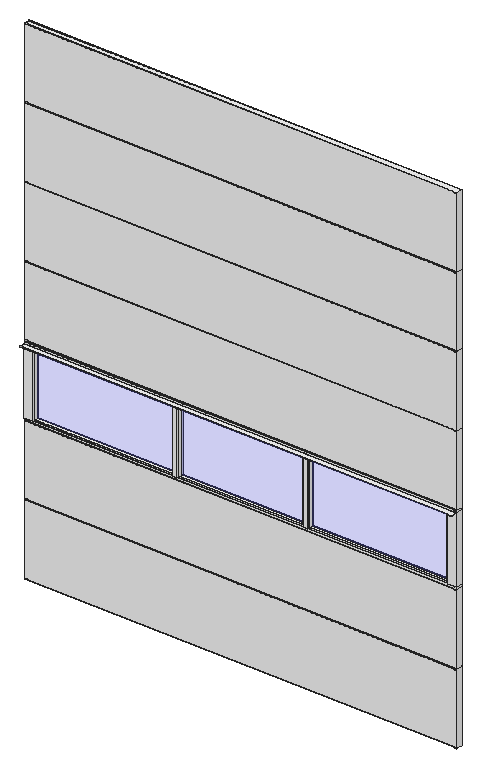
Revit family
Parameters (values of type "By Type")
  Windload = "Doors available rated for various design pressures; consult Clopay for avaialbility and specifications"
  VisSection6 = NumSections = 6  # no
  VisSection5 = NumSections > 4  # yes
  VisSection4 = NumSections > 3  # yes
  VisSection3 = NumSections > 2  # yes
  VisArray = NumSections > 6  # yes
  URL = "www.clopaydoor.com"
  Track = "Galvanized steel (gauge varies according to door size)"
  Thickness = 0' - 2"  # constant formula
  Spec Wizard = "http://www.arcat.com/specwizard/08360clo/index.htm"
  Section Height = Height / NumSections  # 2' - 0"
  Section 5 Glazing = 3220 Section : Solid
  Section 4 Glazing = 3220 Section : Solid
  Section 3 Glazing = Full Vision Section : Intermediate
  Sales Information = "http://www.clopaydoor.com/where-to-buy.aspx?type=dealer"
  Rough Width = 0' - 0"  # constant formula
  Rough Height = 0' - 0"  # constant formula
  R-Value = "9.1"
  Product Features and Benefits = "http://www.clopaydoor.com/insulated-polystyrene-applications.aspx"
  Overlapping Jamb = yes
  Overlap = if(Overlapping Jamb, 0' 1", 0' 0")  # 0' - 1"
  Opening Width = 12' - 0"
  Opening Height = 14' - 0"
  Omniclass Table = "23-30 10 17 37 "
  NumSectionsNotRounded = Height / 2' 0"  # 7
  NumSections = NumSectionsNotRounded + 0.4999  # 7
  NumArraySections = if(NumSections > 6, NumSections - 5, 2)  # 2
  Model = "3220"
  Maximum Size = "Maximum 28' 2'' wide by 26' 0'' high. Additional limitations may apply do to door weight. Consult Clopay for specificiations and shop drawings."  # constant formula
  Manufacturer Website = "http://www.clopaydoor.com"
  Manufacturer Phone Number = "1-800-526-4301"
  Manufacturer Address = "1400 W. Market St., Troy, OH 45373"
  Manufacturer = "Clopay Building Products Company"
  LEED = "http://products.construction.com/swts_content_files/151607/303186.pdf"
  Keynote = "08 36 13"
  Interior Steel = "28 ga. galvanized, primed, and finish painted"
  Hardware = "14 ga. min. steel hinges; 10-ball steel rollers"
  GreenFormat = "http://www.greenformat.com/products/1541-Polystyrene-Insulated-Doors"
  Function = (empty or 0)
  Height = Opening Height + Rough Width * 0  # 14' - 0"
  Wall Closure = (empty or 0)
  Width = Opening Width + Rough Width * 0  # 12' - 0"
  FloorToSection7 = 6 * Section Height  # 12' - 0"
  FloorToSection6 = 5 * Section Height  # 10' - 0"
  FloorToSection5 = 4 * Section Height  # 8' - 0"
  FloorToSection4 = 3 * Section Height  # 6' - 0"
  FloorToSection3 = 2 * Section Height  # 4' - 0"
  FloorToSection2 = Section Height  # 2' - 0"
  File Revision = "01 (Aug, 2012)"
  Enterior Steel = "24 ga. galvanized, primed, and finish painted"
  Double End Stiles = Door Width > 14' 2"  # no
  Door Width = Opening Width + Overlap * 2  # 12' - 2"
  Door Height = Opening Height + Rough Width * 0  # 14' - 0"
  Description = "2'' thick polystyrene insulated, stucco embossed 20 gauge steel exterior with light ribbed pattern."
  Core Material = "Expanded polystyrene"
  Copyright = "2010, Clopay Building Products Company, Inc."
  Color = White
  CAD and Specifications = "http://www.clopaydoor.com/insulated-polystyrene-specs.aspx"
  Assembly Code = "B2030410"
Reference planes (in)
  plane 1 "Center (Front/Back)": y = 0
  plane 2 "Center (Left/Right)": x = 0
  plane 3 "Left": x = -72
  plane 4 "Right": x = 72
  plane 5 "Top": z = 168
  plane 6 "Exterior": y = 3
  plane 7 "Interior": y = -3
  plane 8: z = 120
  plane 9: z = 144
Lines and regions (in)
  Opening 1
    outline origin (-90, -3, 0) x (1, 0, 0) y (0, 0, 1)
      loop
        line (18, 0) -> (162, 0) -> (162, 168) -> (18, 168) -> (18, 0)
Text (in)
  text "Exterior" at (-74.96733, 27.31104, 0), in view "Ref. Level"
  text "Interior" at (-74.96733, -25.14366, 0), in view "Ref. Level"
  text "Exterior" at (0, 40.15149, 123.01588), in view "Right"
  text "Interior" at (0, -64.39139, 123.01588), in view "Right"
  text "Interior" at (0, -31.01599, 123.00693), in view "Left"
  text "Exterior" at (0, 54.57065, 123.00693), in view "Left"
Dimensions and locks (in)
  equal spacing: plane 3 "Left", plane 2 "Center (Left/Right)", plane 4 "Right"
  "Height": level to plane 5 "Top"
  "Width": plane 3 "Left" to plane 4 "Right"
  host wall to plane 5 "Top" = 14' - 0"
  nested 1 to plane 7 "Interior" = 0' - 0 1/2"
  "FloorToSection6": plane 8 to level
  "FloorToSection7": plane 9 to level
  group 1 to group 2 = 0' - 0"  (x2)
  group 1 to group 2 = 2' - 0"
  aligned and locked: plane 3 "Left" to Opening 1 sketch curve
  aligned and locked: plane 5 "Top" to Opening 1 sketch curve  (x2)
  aligned and locked: Opening 1 sketch curve to plane 4 "Right"
  aligned and locked: Opening 1 sketch curve to level
  aligned and locked: plane 6 "Exterior" to host wall
  aligned and locked: host wall to plane 7 "Interior"
  aligned and locked: plane 2 "Center (Left/Right)" to nested 2
  aligned and locked: plane 2 "Center (Left/Right)" to nested 3
  aligned and locked: plane 2 "Center (Left/Right)" to nested 4
  aligned and locked: plane 2 "Center (Left/Right)" to nested 6
  aligned and locked: nested 6 to plane 8
  aligned and locked: nested 7 to plane 9
  aligned and locked: plane 2 "Center (Left/Right)" to nested 9
  aligned and locked: plane 7 "Interior" to nested 2
  aligned and locked: plane 7 "Interior" to nested 3
  aligned and locked: plane 7 "Interior" to nested 4  (x2)
  aligned and locked: plane 7 "Interior" to nested 9  (x2)
  aligned and locked: plane 7 "Interior" to nested 7
  aligned and locked: nested 1 to nested 7
  aligned and locked: nested 1 to nested 6
  aligned and locked: host wall to nested 3
Nested families (in)
  nested 1: "3220 Section" at (0, 0, 0), type "Solid"
  nested 2: "3220 Section" at (0, 0, 24), built-in parameter 1001364 <- "Section Height", type "Solid"
  nested 3: "3220 Section" at (0, 0, 120), built-in parameter 1001364 <- "FloorToSection6", visible <- "VisSection6", type "Solid"
  nested 4: "3220 Section" at (0, 0, 96), built-in parameter 1001364 <- "FloorToSection5", type <- "Section 5 Glazing", visible <- "VisSection5", type "Solid"
  nested 5: "3220 Section" at (0, 0, 72), type <- "Section 4 Glazing", built-in parameter 1001364 <- "FloorToSection4", visible <- "VisSection4", type "Solid"
  nested 6: "3220 Section" at (0, 0, 120), visible <- "VisArray", type "Solid"
  nested 7: "3220 Section" at (0, 0, 144), visible <- "VisArray", type "Solid"
  nested 8: "3220 Section" at (0, 4.53003, 370.39685), type "Windows - 24x8", not visible
  nested 9: "Full Vision Section" at (0, 0, 48), built-in parameter 1001364 <- "FloorToSection3", type <- "Section 3 Glazing", type "Intermediate"
    with SingleStileVis no, Rail Width 12' - 1 13/16", NumIntStiles 2, Half Rail Width 6' - 0 29/32", Half Door Width 6' - 1", Glass Width 12' - 0 13/16", Edge to 1st Int Stile 4' - 3", Door Width 12' - 2", ArrayStileVis yes
Definition of nested family "3220 Section"
  Parameters (values of type "Windows - 24x12")
    X9 = if(if(NumArrayedWindows < NumWindows, NumArrayedWindows + 1, NumWindows) < 9, X1, X8 + WindowSpacing)  # 1' - 5 1/2"
    X8 = if(if(NumArrayedWindows < NumWindows, NumArrayedWindows + 1, NumWindows) < 8, X1, X7 + WindowSpacing)  # 1' - 5 1/2"
    X7 = if(if(NumArrayedWindows < NumWindows, NumArrayedWindows + 1, NumWindows) < 7, X1, X6 + WindowSpacing)  # 1' - 5 1/2"
    X6 = if(if(NumArrayedWindows < NumWindows, NumArrayedWindows + 1, NumWindows) < 6, X1, X5 + WindowSpacing)  # 1' - 5 1/2"
    X5 = if(if(NumArrayedWindows < NumWindows, NumArrayedWindows + 1, NumWindows) < 5, X1, X4 + WindowSpacing)  # 1' - 5 1/2"
    X4 = if(if(NumArrayedWindows < NumWindows, NumArrayedWindows + 1, NumWindows) < 4, X1, X3 + WindowSpacing)  # 1' - 5 1/2"
    X3 = if(or(NumWindows < 3, SingleWindowVis), X1, X2 + WindowSpacing)  # 8' - 9 1/2"
    X2 = if(NumWindows < 2, ((Door Width - (NumWindows - 1) * WindowSpacing) / 2 - Cutout Width / 2), ((Door Width - (NumWindows - 1) * WindowSpacing) / 2 - Cutout Width / 2) + WindowSpacing)  # 5' - 1 1/2"
    Windows (2) = 3200 Window : 24x12
    Windows = 3200 Window Array : 24x12
    WindowSpacing = if(and(Door Width < 10' 0", Door Width > 9' 2"), 3' 4", 3' 8")  # 3' - 8"
    WindowArrayVis = and(or(and(Window Type Index = 4, Door Width > 7' 6", Door Width < 16' 3"), Window Type Index = 3, Window Type Index = 2), not(SingleWindowVis))  # yes
    WindowCutDepth = if(or(Window Type Index = 1, and(Door Width < 7' 8", Window Type Index = 4), and(Window Type Index = 4, Door Width > 16' 2")), -0' 0 13/128", 0' 2")  # 0' - 2"
    Window Type Index = 3
    SingleWindowVis = and(X2 = X1, NumWindows = 3, Window Type Index = 4)  # no
    Section Height = 2' - 0"
    NumWindows = if(Door Width < 9' 4", 2, if(Door Width < 13' 4", 3, if(Door Width < 16' 4", 4, if(Door Width < 20' 4", 5, if(Door Width < 24' 4", 6, if(Door Width < 26' 4", 7, if(Door Width < 31' 8", 8, 10)))))))  # 3
    NumArrayedWindows = if(X2 = X1, if(NumWindows < 4, 2, NumWindows - 2), NumWindows)  # 3
    Half Section Height = Section Height / 2  # 1' - 0"
    Half Door Width Neg = -Half Door Width  # -6' - 1"
    Half Door Width = Door Width / 2  # 6' - 1"
    Half Cutout Height = Cutout Height / 2  # 0' - 5 1/2"
    Function = (empty or 0)
    Height = 0' - 0"
    Wall Closure = (empty or 0)
    Width = 0' - 0"
    X1 = if(if(Window Type Index = 4, if(or(and(Door Width < 11' 0", Door Width > 9' 2"), and(Door Width < 15' 3", Door Width > 13' 2")), X2, (Door Width - (NumWindows - 1) * WindowSpacing) / 2 - Cutout Width / 2), if(or(and(Door Width > 16' 2", Door Width < 16' 7")), X2, (Door Width - (NumWindows - 1) * WindowSpacing) / 2 - Cutout Width / 2)) < 0' 1", 0' 1", if(Window Type Index = 4, if(or(and(Door Width < 11' 0", Door Width > 9' 2"), and(Door Width < 15' 3", Door Width > 13' 2")), X2, (Door Width - (NumWindows - 1) * WindowSpacing) / 2 - Cutout Width / 2), if(or(and(Door Width > 16' 2", Door Width < 16' 7")), X2, (Door Width - (NumWindows - 1) * WindowSpacing) / 2 - Cutout Width / 2)))  # 1' - 5 1/2"
    Door Width = 12' - 2"
    CutoutToCutout = 1' - 0"
    Cutout Width = if(Window Type Index = 4, 3' 2", 1' 11")  # 1' - 11"
    Cutout Height = if(Window Type Index = 4, 1' 0", if(Window Type Index = 3, 0' 11", 0' 7"))  # 0' - 11"
    Color = White
    Assembly Code = ""
  Types (3): name | Windows (2) | Windows | WindowArrayVis | WindowCutDepth | Window Type Index | Half Cutout Height | Cutout Height
    Windows - 24x12 | 3200 Window : 24x12 | 3200 Window Array : 24x12 | yes | 0' - 2" | 3 | 0' - 5 1/2" | 0' - 11"
    Windows - 24x8 | 3200 Window : 24x8 | 3200 Window Array : 24x8 | yes | 0' - 2" | 2 | 0' - 3 1/2" | 0' - 7"
    Solid | 3200 Window : 24x8 | 3200 Window : 24x8 | no | -0' - 0 13/128" | 1 | 0' - 3 1/2" | 0' - 7"
  Reference planes (in)
    plane 1 "Center (Front/Back)": y = 0
    plane 2 "Center (Left/Right)": x = 0
    plane 3 "Exterior": y = 3
    plane 4 "Interior": y = -3
    plane 5: y = -3.5
    plane 6: x = 73
    plane 7: x = -73
    plane 8: z = 24
    plane 9: z = 12
    plane 10: z = 0
  Forms (in)
    Extrusion 1, solid, material "White" <- "Color"
      sketch origin (-73, -12, 83.08252) x (0, 0, 1) y (0, -1, 0)
        loop
          line (-59.08252, -8.37573) -> (-59.08252, -6.62444)
          arc (-59.08252, -6.62444) -> (-59.11897, -6.53645) -> (-59.20696, -6.5) r 0.12444
          line (-59.20696, -6.5) -> (-82.95809, -6.5)
          arc (-82.95809, -6.5) -> (-83.04608, -6.53645) -> (-83.08252, -6.62444) r 0.12444
          line (-83.08252, -6.62444) -> (-83.08252, -8.37573)
          arc (-83.08252, -8.37573) -> (-83.04612, -8.4636) -> (-82.95825, -8.5) r 0.12427
          line (-82.95825, -8.5) -> (-59.20679, -8.5)
          arc (-59.20679, -8.5) -> (-59.11892, -8.4636) -> (-59.08252, -8.37573) r 0.12427
      from 0 to 146 <- "Door Width"
    Extrusion 2, void
      sketch origin (-98.15385, -3.5, 48) x (1, 0, 0) y (0, 0, 1)
        loop
          line (153.65385, -30.5) -> (130.65385, -30.5) -> (130.65385, -36) -> (153.65385, -36) -> (153.65385, -30.5)
      from 0 to 2 <- "WindowCutDepth"
    Extrusion 3, void
      sketch origin (-98.15385, -3.5, -24) x (1, 0, 0) y (0, 0, 1)
        loop
          line (153.65385, 30.5) -> (153.65385, 36) -> (130.65385, 36) -> (130.65385, 30.5) -> (153.65385, 30.5)
      from 0 to 2 <- "WindowCutDepth"
    Extrusion 4, void
      sketch origin (-136.15385, -3.5, 48) x (1, 0, 0) y (0, 0, 1)
        loop
          line (147.65385, -30.5) -> (124.65385, -30.5) -> (124.65385, -36) -> (147.65385, -36) -> (147.65385, -30.5)
      from 0 to 2 <- "WindowCutDepth"
    Extrusion 5, void
      sketch origin (-136.15385, -3.5, -24) x (1, 0, 0) y (0, 0, 1)
        loop
          line (147.65385, 30.5) -> (147.65385, 36) -> (124.65385, 36) -> (124.65385, 30.5) -> (147.65385, 30.5)
      from 0 to 2 <- "WindowCutDepth"
    Extrusion 6, void
      sketch origin (-171.15385, -3.5, 48) x (1, 0, 0) y (0, 0, 1)
        loop
          line (138.65385, -30.5) -> (115.65385, -30.5) -> (115.65385, -36) -> (138.65385, -36) -> (138.65385, -30.5)
      from 0 to 2 <- "WindowCutDepth"
    Extrusion 7, void
      sketch origin (-171.15385, -3.5, -24) x (1, 0, 0) y (0, 0, 1)
        loop
          line (138.65385, 30.5) -> (138.65385, 36) -> (115.65385, 36) -> (115.65385, 30.5) -> (138.65385, 30.5)
      from 0 to 2 <- "WindowCutDepth"
    Extrusion 8, void
      sketch origin (-214.15385, -3.5, 48) x (1, 0, 0) y (0, 0, 1)
        loop
          line (269.65385, -30.5) -> (246.65385, -30.5) -> (246.65385, -36) -> (269.65385, -36) -> (269.65385, -30.5)
      from 0 to 2 <- "WindowCutDepth"
    Extrusion 9, void
      sketch origin (-214.15385, -3.5, -24) x (1, 0, 0) y (0, 0, 1)
        loop
          line (269.65385, 30.5) -> (269.65385, 36) -> (246.65385, 36) -> (246.65385, 30.5) -> (269.65385, 30.5)
      from 0 to 2 <- "WindowCutDepth"
    Extrusion 10, void
      sketch origin (-256.15385, -3.5, 48) x (1, 0, 0) y (0, 0, 1)
        loop
          line (311.65385, -30.5) -> (288.65385, -30.5) -> (288.65385, -36) -> (311.65385, -36) -> (311.65385, -30.5)
      from 0 to 2 <- "WindowCutDepth"
    Extrusion 11, void
      sketch origin (-256.15385, -3.5, -24) x (1, 0, 0) y (0, 0, 1)
        loop
          line (311.65385, 30.5) -> (311.65385, 36) -> (288.65385, 36) -> (288.65385, 30.5) -> (311.65385, 30.5)
      from 0 to 2 <- "WindowCutDepth"
    Extrusion 12, void
      sketch origin (-294.15385, -3.5, 48) x (1, 0, 0) y (0, 0, 1)
        loop
          line (349.65385, -30.5) -> (326.65385, -30.5) -> (326.65385, -36) -> (349.65385, -36) -> (349.65385, -30.5)
      from 0 to 2 <- "WindowCutDepth"
    Extrusion 13, void
      sketch origin (-294.15385, -3.5, -24) x (1, 0, 0) y (0, 0, 1)
        loop
          line (349.65385, 30.5) -> (349.65385, 36) -> (326.65385, 36) -> (326.65385, 30.5) -> (349.65385, 30.5)
      from 0 to 2 <- "WindowCutDepth"
    Extrusion 14, void
      sketch origin (-331.15385, -3.5, 48) x (1, 0, 0) y (0, 0, 1)
        loop
          line (386.65385, -30.5) -> (363.65385, -30.5) -> (363.65385, -36) -> (386.65385, -36) -> (386.65385, -30.5)
      from 0 to 2 <- "WindowCutDepth"
    Extrusion 15, void
      sketch origin (-331.15385, -3.5, -24) x (1, 0, 0) y (0, 0, 1)
        loop
          line (386.65385, 30.5) -> (386.65385, 36) -> (363.65385, 36) -> (363.65385, 30.5) -> (386.65385, 30.5)
      from 0 to 2 <- "WindowCutDepth"
    Extrusion 16, void
      sketch origin (-368.15385, -3.5, 48) x (1, 0, 0) y (0, 0, 1)
        loop
          line (423.65385, -30.5) -> (400.65385, -30.5) -> (400.65385, -36) -> (423.65385, -36) -> (423.65385, -30.5)
      from 0 to 2 <- "WindowCutDepth"
    Extrusion 17, void
      sketch origin (-368.15385, -3.5, -24) x (1, 0, 0) y (0, 0, 1)
        loop
          line (423.65385, 30.5) -> (423.65385, 36) -> (400.65385, 36) -> (400.65385, 30.5) -> (423.65385, 30.5)
      from 0 to 2 <- "WindowCutDepth"
    Extrusion 18, void
      sketch origin (-407.15385, -3.5, 48) x (1, 0, 0) y (0, 0, 1)
        loop
          line (462.65385, -30.5) -> (439.65385, -30.5) -> (439.65385, -36) -> (462.65385, -36) -> (462.65385, -30.5)
      from 0 to 2 <- "WindowCutDepth"
    Extrusion 19, void
      sketch origin (-407.15385, -3.5, -24) x (1, 0, 0) y (0, 0, 1)
        loop
          line (462.65385, 30.5) -> (462.65385, 36) -> (439.65385, 36) -> (439.65385, 30.5) -> (462.65385, 30.5)
      from 0 to 2 <- "WindowCutDepth"
  Cuts and joins
    Extrusion 2, Extrusion 3, Extrusion 4, Extrusion 5, Extrusion 6, Extrusion 7, Extrusion 8, Extrusion 9, Extrusion 10, Extrusion 11, Extrusion 12, Extrusion 13, Extrusion 14, Extrusion 15, Extrusion 16, Extrusion 17, Extrusion 18, Extrusion 19 cuts Extrusion 1
  Text (in)
    text "Exterior" at (-74.96733, 27.31104, 0), in view "Ref. Level"
    text "Interior" at (-74.96733, -25.14366, 0), in view "Ref. Level"
    text "Exterior" at (0, 40.15149, 123.01588), in view "Right"
    text "Interior" at (0, -64.39139, 123.01588), in view "Right"
    text "Interior" at (0, -31.01599, 123.00693), in view "Left"
    text "Exterior" at (0, 54.57065, 123.00693), in view "Left"
  Dimensions and locks (in)
    plane 4 "Interior" to plane 5 = 0' - 0 1/2"
    "Half Door Width": plane 2 "Center (Left/Right)" to plane 7
    "Half Door Width": plane 6 to plane 2 "Center (Left/Right)"
    Extrusion 1 sketch curve to Extrusion 1 sketch curve = 0' - 2"
    "Section Height": plane 8 to level
    "Half Section Height": level to plane 9
    "Cutout Width": Extrusion 2 sketch curve to Extrusion 2 sketch curve
    "Half Cutout Height": Extrusion 2 sketch curve to Extrusion 2 sketch curve
    "Cutout Width": Extrusion 3 sketch curve to Extrusion 3 sketch curve
    "Half Cutout Height": Extrusion 3 sketch curve to Extrusion 3 sketch curve
    "X1": cut or joined group 1 (Extrusion 1, Extrusion 2, Extrusion 3, Extrusion 4, Extrusion 5, Extrusion 6, Extrusion 7, Extrusion 8, Extrusion 9, Extrusion 10, Extrusion 11, Extrusion 12, Extrusion 13, Extrusion 14, Extrusion 15, Extrusion 16, Extrusion 17, Extrusion 18, Extrusion 19) to cut or joined group 1
    "Cutout Width": Extrusion 4 sketch curve to Extrusion 4 sketch curve
    "Half Cutout Height": Extrusion 4 sketch curve to Extrusion 4 sketch curve
    "Cutout Width": Extrusion 5 sketch curve to Extrusion 5 sketch curve
    "Half Cutout Height": Extrusion 5 sketch curve to Extrusion 5 sketch curve
    "Cutout Width": Extrusion 6 sketch curve to Extrusion 6 sketch curve
    "Half Cutout Height": Extrusion 6 sketch curve to Extrusion 6 sketch curve
    "Cutout Width": Extrusion 7 sketch curve to Extrusion 7 sketch curve
    "Half Cutout Height": Extrusion 7 sketch curve to Extrusion 7 sketch curve
    "X2": plane 6 to cut or joined group 1
    "X3": plane 6 to cut or joined group 1
    "Cutout Width": Extrusion 8 sketch curve to Extrusion 8 sketch curve
    "Half Cutout Height": Extrusion 8 sketch curve to Extrusion 8 sketch curve
    "Cutout Width": Extrusion 9 sketch curve to Extrusion 9 sketch curve
    "Half Cutout Height": Extrusion 9 sketch curve to Extrusion 9 sketch curve
    "Cutout Width": Extrusion 10 sketch curve to Extrusion 10 sketch curve
    "Half Cutout Height": Extrusion 10 sketch curve to Extrusion 10 sketch curve
    "Cutout Width": Extrusion 11 sketch curve to Extrusion 11 sketch curve
    "Half Cutout Height": Extrusion 11 sketch curve to Extrusion 11 sketch curve
    "Cutout Width": Extrusion 12 sketch curve to Extrusion 12 sketch curve
    "Half Cutout Height": Extrusion 12 sketch curve to Extrusion 12 sketch curve
    "Cutout Width": Extrusion 13 sketch curve to Extrusion 13 sketch curve
    "Half Cutout Height": Extrusion 13 sketch curve to Extrusion 13 sketch curve
    "Cutout Width": Extrusion 14 sketch curve to Extrusion 14 sketch curve
    "Half Cutout Height": Extrusion 14 sketch curve to Extrusion 14 sketch curve
    "Cutout Width": Extrusion 15 sketch curve to Extrusion 15 sketch curve
    "Half Cutout Height": Extrusion 15 sketch curve to Extrusion 15 sketch curve
    "Cutout Width": Extrusion 16 sketch curve to Extrusion 16 sketch curve
    "Half Cutout Height": Extrusion 16 sketch curve to Extrusion 16 sketch curve
    "Cutout Width": Extrusion 17 sketch curve to Extrusion 17 sketch curve
    "Half Cutout Height": Extrusion 17 sketch curve to Extrusion 17 sketch curve
    "Cutout Width": Extrusion 18 sketch curve to Extrusion 18 sketch curve
    "Half Cutout Height": Extrusion 18 sketch curve to Extrusion 18 sketch curve
    "Cutout Width": Extrusion 19 sketch curve to Extrusion 19 sketch curve
    "Half Cutout Height": Extrusion 19 sketch curve to Extrusion 19 sketch curve
    "X4": plane 6 to cut or joined group 1
    "X5": plane 6 to cut or joined group 1
    "X6": plane 6 to cut or joined group 1
    "X7": plane 6 to cut or joined group 1
    "X8": plane 6 to cut or joined group 1
    "X9": plane 6 to cut or joined group 1
    locked: nested 1 to cut or joined group 1 at 1  (x2)
    locked: nested 1 to cut or joined group 1 at 0.125
    locked: nested 2 to cut or joined group 1 at 1  (x2)
    locked: nested 2 to plane 5 at 0.125
    locked: plane 5 to plane 4 "Interior" at 0.5
    radius of Extrusion 1 sketch curve = 0' - 0.12427"  (x2)
    radius of Extrusion 1 sketch curve = 0' - 0.12444"  (x2)
    aligned and locked: Extrusion 1 sketch curve to plane 5
    aligned and locked: Extrusion 2 sketch curve to plane 9
    aligned and locked: plane 9 to Extrusion 3 sketch curve
    aligned and locked: cut or joined group 1 to cut or joined group 1  (x9)
    aligned and locked: plane 10 to level
  Automatic sketch dimensions
    Extrusion 1 sketch curve to level = 0' - 0"
    Extrusion 1 sketch curve to plane 8 = 0' - 0"
    plane 2 "Center (Left/Right)" to Extrusion 2 sketch curve = 2' - 8 1/2"
    plane 2 "Center (Left/Right)" to Extrusion 3 sketch curve = 2' - 8 1/2"
    Extrusion 4 sketch curve to plane 9 = 0' - 0"
    Extrusion 4 sketch curve to plane 2 "Center (Left/Right)" = 0' - 11 1/2"
    Extrusion 5 sketch curve to plane 9 = 0' - 0"
    Extrusion 5 sketch curve to plane 2 "Center (Left/Right)" = 0' - 11 1/2"
    Extrusion 6 sketch curve to plane 9 = 0' - 0"
    plane 7 to Extrusion 6 sketch curve = 1' - 5 1/2"
    Extrusion 7 sketch curve to plane 9 = 0' - 0"
    plane 7 to Extrusion 7 sketch curve = 1' - 5 1/2"
    Extrusion 8 sketch curve to plane 9 = 0' - 0"
    plane 2 "Center (Left/Right)" to Extrusion 8 sketch curve = 2' - 8 1/2"
    Extrusion 9 sketch curve to plane 9 = 0' - 0"
    plane 2 "Center (Left/Right)" to Extrusion 9 sketch curve = 2' - 8 1/2"
    Extrusion 10 sketch curve to plane 9 = 0' - 0"
    plane 2 "Center (Left/Right)" to Extrusion 10 sketch curve = 2' - 8 1/2"
    Extrusion 11 sketch curve to plane 9 = 0' - 0"
    plane 2 "Center (Left/Right)" to Extrusion 11 sketch curve = 2' - 8 1/2"
    Extrusion 12 sketch curve to plane 9 = 0' - 0"
    plane 2 "Center (Left/Right)" to Extrusion 12 sketch curve = 2' - 8 1/2"
    Extrusion 13 sketch curve to plane 9 = 0' - 0"
    plane 2 "Center (Left/Right)" to Extrusion 13 sketch curve = 2' - 8 1/2"
    Extrusion 14 sketch curve to plane 9 = 0' - 0"
    plane 2 "Center (Left/Right)" to Extrusion 14 sketch curve = 2' - 8 1/2"
    Extrusion 15 sketch curve to plane 9 = 0' - 0"
    plane 2 "Center (Left/Right)" to Extrusion 15 sketch curve = 2' - 8 1/2"
    Extrusion 16 sketch curve to plane 9 = 0' - 0"
    plane 2 "Center (Left/Right)" to Extrusion 16 sketch curve = 2' - 8 1/2"
    Extrusion 17 sketch curve to plane 9 = 0' - 0"
    plane 2 "Center (Left/Right)" to Extrusion 17 sketch curve = 2' - 8 1/2"
    Extrusion 18 sketch curve to plane 9 = 0' - 0"
    plane 2 "Center (Left/Right)" to Extrusion 18 sketch curve = 2' - 8 1/2"
    Extrusion 19 sketch curve to plane 9 = 0' - 0"
    plane 2 "Center (Left/Right)" to Extrusion 19 sketch curve = 2' - 8 1/2"
  Nested families (in)
    nested 1: "3200 Window Array" at (44, -3.375, 7.5) x (-1, 0, 0) z (0, 0, 1), type <- "Windows", visible <- "WindowArrayVis", type "24x12"
      with NumWindows 3, Frame Width 2' - 1", Frame Height 1' - 1"
    nested 2: "3200 Window" at (7.05882, -3.375, 6.85294), type <- "Windows (2)", visible <- "SingleWindowVis", type "24x12"
  Definition of nested family "3200 Window Array"
    Parameters (values of type "40x14")
      Window Spacing = 3' - 8"
      NumWindows = 4
      Frame Width = 3' - 4"
      Frame Height = 1' - 2"
      Color = Tan
      Assembly Code = ""
    Types (3): name | Frame Width | Frame Height
      24x8 | 2' - 1" | 0' - 9"
      28x14 | 2' - 4" | 1' - 2"
      40x14 | 3' - 4" | 1' - 2"
    Reference planes (in)
      plane 1 "Center (Front/Back)": y = 0
      plane 2: z = 0
      plane 3 "Center (Left/Right)": x = 0
      plane 4: y = -1
    Forms (in)
      Extrusion 1, solid, material "Tan" <- "Color"
        sketch origin (-1.38592, 0, 0) x (1, 0, 0) y (0, 0, 1)
          loop
            line (-15.92291, -0.72794) -> (19.57709, -0.72794)
            arc (19.57709, -0.72794) -> (20.01904, -0.54488) -> (20.20209, -0.10294) r 0.625
            line (20.20209, -0.10294) -> (20.20209, 9.39706)
            arc (20.20209, 9.39706) -> (20.01904, 9.839) -> (19.57709, 10.02206) r 0.625
            line (19.57709, 10.02206) -> (-15.92291, 10.02206)
            arc (-15.92291, 10.02206) -> (-16.36485, 9.839) -> (-16.54791, 9.39706) r 0.625
            line (-16.54791, 9.39706) -> (-16.54791, -0.10294)
            arc (-16.54791, -0.10294) -> (-16.36485, -0.54488) -> (-15.92291, -0.72794) r 0.625
          loop
            line (-17.54791, -2.35294) -> (21.20209, -2.35294)
            arc (21.20209, -2.35294) -> (21.64404, -2.16988) -> (21.82709, -1.72794) r 0.625
            line (21.82709, -1.72794) -> (21.82709, 11.02206)
            arc (21.82709, 11.02206) -> (21.64404, 11.464) -> (21.20209, 11.64706) r 0.625
            line (21.20209, 11.64706) -> (-17.54791, 11.64706)
            arc (-17.54791, 11.64706) -> (-17.98985, 11.464) -> (-18.17291, 11.02206) r 0.625
            line (-18.17291, 11.02206) -> (-18.17291, -1.72794)
            arc (-18.17291, -1.72794) -> (-17.98985, -2.16988) -> (-17.54791, -2.35294) r 0.625
        from 0 to 2.25
      Extrusion 2, solid, material "Glass"
        sketch origin (0, -1, 15.9844) x (0, 0, 1) y (-1, 0, 0)
          loop
            arc (-5.96234, 17.30882) -> (-6.1454, 17.75077) -> (-6.58734, 17.93382) r 0.625
            line (-6.58734, 17.93382) -> (-16.08734, 17.93382)
            arc (-16.08734, 17.93382) -> (-16.52928, 17.75077) -> (-16.71234, 17.30882) r 0.625
            line (-16.71234, 17.30882) -> (-16.71234, -18.19118)
            arc (-16.71234, -18.19118) -> (-16.52928, -18.63312) -> (-16.08734, -18.81618) r 0.625
            line (-16.08734, -18.81618) -> (-6.58734, -18.81618)
            arc (-6.58734, -18.81618) -> (-6.1454, -18.63312) -> (-5.96234, -18.19118) r 0.625
            line (-5.96234, -18.19118) -> (-5.96234, 17.30882)
        from 0 to 0.25
      Extrusion 3, solid, material "Tan" <- "Color"
        sketch origin (42.61408, 0, 0) x (1, 0, 0) y (0, 0, 1)
          loop
            line (-15.92291, -0.72794) -> (19.57709, -0.72794)
            arc (19.57709, -0.72794) -> (20.01904, -0.54488) -> (20.20209, -0.10294) r 0.625
            line (20.20209, -0.10294) -> (20.20209, 9.39706)
            arc (20.20209, 9.39706) -> (20.01904, 9.839) -> (19.57709, 10.02206) r 0.625
            line (19.57709, 10.02206) -> (-15.92291, 10.02206)
            arc (-15.92291, 10.02206) -> (-16.36485, 9.839) -> (-16.54791, 9.39706) r 0.625
            line (-16.54791, 9.39706) -> (-16.54791, -0.10294)
            arc (-16.54791, -0.10294) -> (-16.36485, -0.54488) -> (-15.92291, -0.72794) r 0.625
          loop
            line (-17.54791, -2.35294) -> (21.20209, -2.35294)
            arc (21.20209, -2.35294) -> (21.64404, -2.16988) -> (21.82709, -1.72794) r 0.625
            line (21.82709, -1.72794) -> (21.82709, 11.02206)
            arc (21.82709, 11.02206) -> (21.64404, 11.464) -> (21.20209, 11.64706) r 0.625
            line (21.20209, 11.64706) -> (-17.54791, 11.64706)
            arc (-17.54791, 11.64706) -> (-17.98985, 11.464) -> (-18.17291, 11.02206) r 0.625
            line (-18.17291, 11.02206) -> (-18.17291, -1.72794)
            arc (-18.17291, -1.72794) -> (-17.98985, -2.16988) -> (-17.54791, -2.35294) r 0.625
        from 0 to 2.25
      Extrusion 4, solid, material "Glass"
        sketch origin (44, -1, 15.9844) x (0, 0, 1) y (-1, 0, 0)
          loop
            arc (-5.96234, 17.30882) -> (-6.1454, 17.75077) -> (-6.58734, 17.93382) r 0.625
            line (-6.58734, 17.93382) -> (-16.08734, 17.93382)
            arc (-16.08734, 17.93382) -> (-16.52928, 17.75077) -> (-16.71234, 17.30882) r 0.625
            line (-16.71234, 17.30882) -> (-16.71234, -18.19118)
            arc (-16.71234, -18.19118) -> (-16.52928, -18.63312) -> (-16.08734, -18.81618) r 0.625
            line (-16.08734, -18.81618) -> (-6.58734, -18.81618)
            arc (-6.58734, -18.81618) -> (-6.1454, -18.63312) -> (-5.96234, -18.19118) r 0.625
            line (-5.96234, -18.19118) -> (-5.96234, 17.30882)
        from 0 to 0.25
      Extrusion 5, solid, material "Tan" <- "Color"
        sketch origin (86.61408, 0, 0) x (1, 0, 0) y (0, 0, 1)
          loop
            line (-15.92291, -0.72794) -> (19.57709, -0.72794)
            arc (19.57709, -0.72794) -> (20.01904, -0.54488) -> (20.20209, -0.10294) r 0.625
            line (20.20209, -0.10294) -> (20.20209, 9.39706)
            arc (20.20209, 9.39706) -> (20.01904, 9.839) -> (19.57709, 10.02206) r 0.625
            line (19.57709, 10.02206) -> (-15.92291, 10.02206)
            arc (-15.92291, 10.02206) -> (-16.36485, 9.839) -> (-16.54791, 9.39706) r 0.625
            line (-16.54791, 9.39706) -> (-16.54791, -0.10294)
            arc (-16.54791, -0.10294) -> (-16.36485, -0.54488) -> (-15.92291, -0.72794) r 0.625
          loop
            line (-17.54791, -2.35294) -> (21.20209, -2.35294)
            arc (21.20209, -2.35294) -> (21.64404, -2.16988) -> (21.82709, -1.72794) r 0.625
            line (21.82709, -1.72794) -> (21.82709, 11.02206)
            arc (21.82709, 11.02206) -> (21.64404, 11.464) -> (21.20209, 11.64706) r 0.625
            line (21.20209, 11.64706) -> (-17.54791, 11.64706)
            arc (-17.54791, 11.64706) -> (-17.98985, 11.464) -> (-18.17291, 11.02206) r 0.625
            line (-18.17291, 11.02206) -> (-18.17291, -1.72794)
            arc (-18.17291, -1.72794) -> (-17.98985, -2.16988) -> (-17.54791, -2.35294) r 0.625
        from 0 to 2.25
      Extrusion 6, solid, material "Glass"
        sketch origin (88, -1, 15.9844) x (0, 0, 1) y (-1, 0, 0)
          loop
            arc (-5.96234, 17.30882) -> (-6.1454, 17.75077) -> (-6.58734, 17.93382) r 0.625
            line (-6.58734, 17.93382) -> (-16.08734, 17.93382)
            arc (-16.08734, 17.93382) -> (-16.52928, 17.75077) -> (-16.71234, 17.30882) r 0.625
            line (-16.71234, 17.30882) -> (-16.71234, -18.19118)
            arc (-16.71234, -18.19118) -> (-16.52928, -18.63312) -> (-16.08734, -18.81618) r 0.625
            line (-16.08734, -18.81618) -> (-6.58734, -18.81618)
            arc (-6.58734, -18.81618) -> (-6.1454, -18.63312) -> (-5.96234, -18.19118) r 0.625
            line (-5.96234, -18.19118) -> (-5.96234, 17.30882)
        from 0 to 0.25
      Extrusion 7, solid, material "Tan" <- "Color"
        sketch origin (130.61408, 0, 0) x (1, 0, 0) y (0, 0, 1)
          loop
            line (-15.92291, -0.72794) -> (19.57709, -0.72794)
            arc (19.57709, -0.72794) -> (20.01904, -0.54488) -> (20.20209, -0.10294) r 0.625
            line (20.20209, -0.10294) -> (20.20209, 9.39706)
            arc (20.20209, 9.39706) -> (20.01904, 9.839) -> (19.57709, 10.02206) r 0.625
            line (19.57709, 10.02206) -> (-15.92291, 10.02206)
            arc (-15.92291, 10.02206) -> (-16.36485, 9.839) -> (-16.54791, 9.39706) r 0.625
            line (-16.54791, 9.39706) -> (-16.54791, -0.10294)
            arc (-16.54791, -0.10294) -> (-16.36485, -0.54488) -> (-15.92291, -0.72794) r 0.625
          loop
            line (-17.54791, -2.35294) -> (21.20209, -2.35294)
            arc (21.20209, -2.35294) -> (21.64404, -2.16988) -> (21.82709, -1.72794) r 0.625
            line (21.82709, -1.72794) -> (21.82709, 11.02206)
            arc (21.82709, 11.02206) -> (21.64404, 11.464) -> (21.20209, 11.64706) r 0.625
            line (21.20209, 11.64706) -> (-17.54791, 11.64706)
            arc (-17.54791, 11.64706) -> (-17.98985, 11.464) -> (-18.17291, 11.02206) r 0.625
            line (-18.17291, 11.02206) -> (-18.17291, -1.72794)
            arc (-18.17291, -1.72794) -> (-17.98985, -2.16988) -> (-17.54791, -2.35294) r 0.625
        from 0 to 2.25
      Extrusion 8, solid, material "Glass"
        sketch origin (132, -1, 15.9844) x (0, 0, 1) y (-1, 0, 0)
          loop
            arc (-5.96234, 17.30882) -> (-6.1454, 17.75077) -> (-6.58734, 17.93382) r 0.625
            line (-6.58734, 17.93382) -> (-16.08734, 17.93382)
            arc (-16.08734, 17.93382) -> (-16.52928, 17.75077) -> (-16.71234, 17.30882) r 0.625
            line (-16.71234, 17.30882) -> (-16.71234, -18.19118)
            arc (-16.71234, -18.19118) -> (-16.52928, -18.63312) -> (-16.08734, -18.81618) r 0.625
            line (-16.08734, -18.81618) -> (-6.58734, -18.81618)
            arc (-6.58734, -18.81618) -> (-6.1454, -18.63312) -> (-5.96234, -18.19118) r 0.625
            line (-5.96234, -18.19118) -> (-5.96234, 17.30882)
        from 0 to 0.25
    Dimensions and locks (in)
      locked: Extrusion 1 sketch curve to Extrusion 1 sketch curve at 1.625  (x4)
      "Frame Height": Extrusion 1 sketch curve to Extrusion 1 sketch curve
      "Frame Width": Extrusion 1 sketch curve to Extrusion 1 sketch curve
      Extrusion 1 to plane 4 = 0' - 1"
      Extrusion 1 to plane 3 "Center (Left/Right)" = 1' - 7.55882"
      locked: Extrusion 3 sketch curve to Extrusion 3 sketch curve at 1.625  (x4)
      "Frame Height": Extrusion 3 sketch curve to Extrusion 3 sketch curve
      "Frame Width": Extrusion 3 sketch curve to Extrusion 3 sketch curve
      equal spacing: group 1, group 2, group 3, group 4  (x3)
      locked: Extrusion 5 sketch curve to Extrusion 5 sketch curve at 1.625  (x4)
      "Frame Height": Extrusion 5 sketch curve to Extrusion 5 sketch curve
      "Frame Width": Extrusion 5 sketch curve to Extrusion 5 sketch curve
      "Window Spacing": Extrusion 1 to Extrusion 3
      locked: Extrusion 7 sketch curve to Extrusion 7 sketch curve at 1.625  (x4)
      "Frame Height": Extrusion 7 sketch curve to Extrusion 7 sketch curve
      "Frame Width": Extrusion 7 sketch curve to Extrusion 7 sketch curve
      radius of Extrusion 1 sketch curve = 0' - 0 5/8"  (x8)
      radius of Extrusion 3 sketch curve = 0' - 0 5/8"  (x8)
      radius of Extrusion 5 sketch curve = 0' - 0 5/8"  (x8)
      radius of Extrusion 7 sketch curve = 0' - 0 5/8"  (x8)
      aligned and locked: plane 2 to level
      aligned and locked: Extrusion 2 sketch curve to Extrusion 1  (x4)
      aligned and locked: Extrusion 4 sketch curve to Extrusion 3  (x4)
      aligned and locked: Extrusion 6 sketch curve to Extrusion 5  (x4)
      aligned and locked: Extrusion 8 sketch curve to Extrusion 7  (x4)
  Definition of nested family "3200 Window"
    Parameters (values of type "24x8")
      Window Spacing = 3' - 8"
      Frame Width = 2' - 1"
      Frame Height = 0' - 9"
      Color = White
      Assembly Code = ""
    Types (4): name | Frame Width | Frame Height | Color
      24x8 | 2' - 1" | 0' - 9" | White
      28x14 | 2' - 4" | 1' - 2" | Tan
      40x14 | 3' - 4" | 1' - 2" | White
      24x12 | 2' - 1" | 1' - 1" | Tan
    Reference planes (in)
      plane 1 "Center (Front/Back)": y = 0
      plane 2: z = 0
      plane 3 "Center (Left/Right)": x = 0
      plane 4: y = -1
    Forms (in)
      Extrusion 1, solid, material "White" <- "Color"
        sketch origin (42.61408, 0, 0) x (1, 0, 0) y (0, 0, 1)
          loop
            line (-15.92291, 4.27206) -> (4.57709, 4.27206)
            arc (4.57709, 4.27206) -> (5.01904, 4.45512) -> (5.20209, 4.89706) r 0.625
            line (5.20209, 4.89706) -> (5.20209, 9.39706)
            arc (5.20209, 9.39706) -> (5.01904, 9.839) -> (4.57709, 10.02206) r 0.625
            line (4.57709, 10.02206) -> (-15.92291, 10.02206)
            arc (-15.92291, 10.02206) -> (-16.36485, 9.839) -> (-16.54791, 9.39706) r 0.625
            line (-16.54791, 9.39706) -> (-16.54791, 4.89706)
            arc (-16.54791, 4.89706) -> (-16.36485, 4.45512) -> (-15.92291, 4.27206) r 0.625
          loop
            line (-17.54791, 2.64706) -> (6.20209, 2.64706)
            arc (6.20209, 2.64706) -> (6.64404, 2.83012) -> (6.82709, 3.27206) r 0.625
            line (6.82709, 3.27206) -> (6.82709, 11.02206)
            arc (6.82709, 11.02206) -> (6.64404, 11.464) -> (6.20209, 11.64706) r 0.625
            line (6.20209, 11.64706) -> (-17.54791, 11.64706)
            arc (-17.54791, 11.64706) -> (-17.98985, 11.464) -> (-18.17291, 11.02206) r 0.625
            line (-18.17291, 11.02206) -> (-18.17291, 3.27206)
            arc (-18.17291, 3.27206) -> (-17.98985, 2.83012) -> (-17.54791, 2.64706) r 0.625
        from 0 to 2.25
      Extrusion 2, solid, material "Glass"
        sketch origin (44, -1, 15.9844) x (0, 0, 1) y (-1, 0, 0)
          loop
            arc (-5.96234, 17.30882) -> (-6.1454, 17.75077) -> (-6.58734, 17.93382) r 0.625
            line (-6.58734, 17.93382) -> (-11.08734, 17.93382)
            arc (-11.08734, 17.93382) -> (-11.52928, 17.75077) -> (-11.71234, 17.30882) r 0.625
            line (-11.71234, 17.30882) -> (-11.71234, -3.19118)
            arc (-11.71234, -3.19118) -> (-11.52928, -3.63312) -> (-11.08734, -3.81618) r 0.625
            line (-11.08734, -3.81618) -> (-6.58734, -3.81618)
            arc (-6.58734, -3.81618) -> (-6.1454, -3.63312) -> (-5.96234, -3.19118) r 0.625
            line (-5.96234, -3.19118) -> (-5.96234, 17.30882)
        from 0 to 0.25
    Dimensions and locks (in)
      locked: Extrusion 1 sketch curve to Extrusion 1 sketch curve at 1.625  (x4)
      "Frame Height": Extrusion 1 sketch curve to Extrusion 1 sketch curve
      "Frame Width": Extrusion 1 sketch curve to Extrusion 1 sketch curve
      radius of Extrusion 1 sketch curve = 0' - 0 5/8"  (x8)
      aligned and locked: plane 2 to level
      aligned and locked: Extrusion 2 sketch curve to Extrusion 1  (x4)
    Automatic sketch dimensions
      level to Extrusion 1 sketch curve = 0' - 11.02206"
      plane 3 "Center (Left/Right)" to Extrusion 1 sketch curve = 2' - 0.44118"
Definition of nested family "Full Vision Section"
  Parameters (values of type "Intermediate")
    Top Rail Face = if(Section Type = 3, 0' 3", 0' 0 27/32")  # 0' - 0 27/32"
    Stile Height = if(or(Section Type = 1, Section Type = 3), Section Height - 0' 3 27/32", Section Height - 0' 0 27/32" * 2)  # 1' - 10 5/16"
    SingleStileVis = and(NumIntStiles < 2, NumIntStiles > 0)  # yes
    Section Type = 2
    Section Height = 2' - 0"
    Rail Width = Door Width - 0' 0 3/16"  # 8' - 1 13/16"
    Panel Material = Glass
    NumIntStiles = if(Door Width < 4' 9", 0, if(Door Width < 9' 3", 1, if(Door Width < 13' 3", 2, if(Door Width < 16' 3", 3, if(Door Width < 20' 3", 4, 5)))))  # 1
    IntStileCtrCtr = 3' - 8"
    Half Rail Width = Rail Width / 2  # 4' - 0 29/32"
    Half Door Width = Door Width / 2  # 4' - 1"
    Glass Width = Rail Width - 0' 1"  # 8' - 0 13/16"
    Function = (empty or 0)
    Height = 0' - 0"
    Wall Closure = (empty or 0)
    Width = 0' - 0"
    Frame Material = White
    Fin Visibility = or(Section Type = 1, Section Type = 2)  # yes
    End Stile Face = if(Double End Stiles, 0' 6", 0' 3")  # 0' - 3"
    Edge to 1st Int Stile = (Door Width - (NumIntStiles - 1) * 3' 8") / 2  # 4' - 1"
    Double End Stiles = no
    Door Width = 8' - 2"
    Bottom Rail Face = if(Section Type = 1, 0' 3", 0' 0 27/32")  # 0' - 0 27/32"
    Assembly Code = ""
    ArrayStileVis = NumIntStiles > 1  # no
    ArrayIntStiles = if(NumIntStiles < 2, 2, NumIntStiles)  # 2
  Reference planes (in)
    plane 1 "Center (Front/Back)": y = 0
    plane 2 "Center (Left/Right)": x = 0
    plane 3 "Exterior": y = 3
    plane 4 "Interior": y = -3
    plane 5: y = -3.5
    plane 6: x = 49
    plane 7: x = 48.90625
    plane 8: x = -48.90625
    plane 9: x = -49
    plane 10: x = 0
    plane 11: x = 0
  Forms (in)
    Extrusion 1, solid, material "White" <- "Frame Material"
      sketch origin (-48.90625, -12, 83.08252) x (0, 0, 1) y (0, -1, 0)
        loop
          arc (-83.08252, -8.37483) -> (-83.04586, -8.46334) -> (-82.95735, -8.5) r 0.12517
          line (-82.95735, -8.5) -> (-82.23877, -8.5) -> (-82.23877, -8.37402) -> (-82.1155, -8.37402) -> (-81.7405, -7.99902) -> (-81.7405, -7.81152) -> (-82.23877, -7.81152) -> (-82.23877, -7.56152) -> (-81.7405, -7.56152) -> (-81.7405, -6.56152) -> (-82.23877, -6.56152) -> (-82.23877, -6.37582) -> (-82.95588, -6.37582)
          arc (-82.95588, -6.37582) -> (-83.04543, -6.41291) -> (-83.08252, -6.50246) r 0.12664
          line (-83.08252, -6.50246) -> (-83.08252, -8.37483)
      from 0 to 97.8125 <- "Rail Width"
    Extrusion 2, solid, material "White" <- "Frame Material"
      sketch origin (-48.90625, -12, 83.08252) x (0, 0, 1) y (0, -1, 0)
        loop
          line (-59.08252, -8.37573) -> (-59.08252, -6.50025)
          arc (-59.08252, -6.50025) -> (-59.11897, -6.41226) -> (-59.20696, -6.37582) r 0.12444
          line (-59.20696, -6.37582) -> (-59.92627, -6.37582) -> (-59.92627, -6.56152) -> (-60.42627, -6.56152) -> (-60.42627, -7.56152) -> (-59.92627, -7.56152) -> (-59.92627, -7.81152) -> (-60.42627, -7.81152) -> (-60.42627, -7.99854) -> (-60.05079, -8.37402) -> (-59.92627, -8.37402) -> (-59.92627, -8.5) -> (-59.20679, -8.5)
          arc (-59.20679, -8.5) -> (-59.11892, -8.4636) -> (-59.08252, -8.37573) r 0.12427
      from 0 to 97.8125 <- "Rail Width"
    Extrusion 3, solid, material "Glass" <- "Panel Material"
      sketch origin (-48.90625, -12, 83.08252) x (0, 0, 1) y (0, -1, 0)
        loop
          line (-59.92627, -7.81152) -> (-59.92627, -7.56152) -> (-82.23877, -7.56152) -> (-82.23877, -7.81152) -> (-59.92627, -7.81152)
      from 1 to 96.8125 <- "Glass Width"
    Extrusion 4, solid, material "White" <- "Frame Material"
      sketch origin (-48.90625, -5.43848, 23.15625) x (-1, 0, 0) y (0, 1, 0)
        loop
          line (0.09375, 1.93848) -> (-2.90625, 1.93848) -> (-2.90625, 1.8125) -> (-3.02952, 1.8125) -> (-3.40452, 1.4375) -> (-3.40452, 1.25) -> (-2.90625, 1.25) -> (-2.90625, 1) -> (-3.40452, 1) -> (-3.40452, 0) -> (-2.90625, 0) -> (-2.90625, -0.18571) -> (0.09375, -0.18571) -> (0.09375, 1.93848)
      from 0 to 22.3125 <- "Stile Height"
    Extrusion 5, solid, material "White" <- "Frame Material"
      sketch origin (-48.90625, -3.5, 23.15625) x (-1, 0, 0) y (0, 1, 0)
        loop
          line (-97.90625, 0) -> (-97.90625, -2.12418) -> (-94.90625, -2.12418) -> (-94.90625, -1.93848) -> (-94.40798, -1.93848) -> (-94.40798, -0.93848) -> (-94.90625, -0.93848) -> (-94.90625, -0.68848) -> (-94.40798, -0.68848) -> (-94.40798, -0.50098) -> (-94.78298, -0.12598) -> (-94.90625, -0.12598) -> (-94.90625, 0) -> (-97.90625, 0)
      from 0 to 22.3125 <- "Stile Height"
    Extrusion 6, solid, material "White" <- "Frame Material", visible <- "Fin Visibility"
      sketch origin (-48.90625, -12, 83.08252) x (0, 0, 1) y (0, -1, 0)
        loop
          line (-59.92627, -6.37582) -> (-59.8329, -6.37582) -> (-59.8329, -4.5475)
          arc (-59.8329, -4.5475) -> (-59.87958, -4.50082) -> (-59.92627, -4.5475) r 0.04669
          line (-59.92627, -4.5475) -> (-59.92627, -6.37582)
      from 0 to 97.8125 <- "Rail Width"
  Text (in)
    text "Exterior" at (-74.96733, 27.31104, 0), in view "Ref. Level"
    text "Interior" at (-74.96733, -25.14366, 0), in view "Ref. Level"
    text "Exterior" at (0, 40.15149, 123.01588), in view "Right"
    text "Interior" at (0, -64.39139, 123.01588), in view "Right"
    text "Interior" at (0, -31.01599, 123.00693), in view "Left"
    text "Exterior" at (0, 54.57065, 123.00693), in view "Left"
  Dimensions and locks (in)
    plane 4 "Interior" to plane 5 = 0' - 0 1/2"
    locked: Extrusion 1 sketch curve to Extrusion 1 sketch curve at 0.12598
    locked: Extrusion 1 sketch curve to Extrusion 1 sketch curve at 0.25
    locked: Extrusion 1 sketch curve to Extrusion 1 sketch curve at 1
    locked: Extrusion 1 sketch curve to Extrusion 1 sketch curve at 0.12327
    locked: Extrusion 1 sketch curve to Extrusion 1 sketch curve at 0.49827
    locked: Extrusion 1 sketch curve to Extrusion 1 sketch curve at 0.5625
    locked: Extrusion 1 sketch curve to Extrusion 1 sketch curve at 2.12418
    "Bottom Rail Face": Extrusion 1 sketch curve to Extrusion 1 sketch curve
    "Top Rail Face": Extrusion 2 sketch curve to Extrusion 2 sketch curve
    locked: Extrusion 2 sketch curve to Extrusion 2 sketch curve at 0.12452
    locked: Extrusion 2 sketch curve to Extrusion 2 sketch curve at 0.5
    locked: Extrusion 4 sketch curve to Extrusion 4 sketch curve at 2.12418
    "End Stile Face": Extrusion 4 sketch curve to Extrusion 4 sketch curve
    locked: Extrusion 4 sketch curve to Extrusion 4 sketch curve at 0.12598
    locked: Extrusion 4 sketch curve to Extrusion 4 sketch curve at 0.49827
    locked: Extrusion 4 sketch curve to Extrusion 4 sketch curve at 0.12327
    Extrusion 4 sketch curve to Extrusion 4 sketch curve to Extrusion 4 sketch curve = 0' - 0 9/16" locked, 0' - 0 1/4" locked
    locked: Extrusion 4 sketch curve to Extrusion 4 sketch curve at 1
    locked: Extrusion 4 sketch curve to Extrusion 4 sketch curve at 0.375
    locked: Extrusion 5 sketch curve to Extrusion 5 sketch curve at 0.12598
    locked: Extrusion 5 sketch curve to Extrusion 5 sketch curve at 0.25
    locked: Extrusion 5 sketch curve to Extrusion 5 sketch curve at 1
    locked: Extrusion 5 sketch curve to Extrusion 5 sketch curve at 0.12327
    locked: Extrusion 5 sketch curve to Extrusion 5 sketch curve at 0.49827
    locked: Extrusion 5 sketch curve to Extrusion 5 sketch curve at 0.5625
    locked: Extrusion 5 sketch curve to Extrusion 5 sketch curve at 2.12418
    "End Stile Face": Extrusion 5 sketch curve to Extrusion 5 sketch curve
    locked: Extrusion 5 sketch curve to Extrusion 5 sketch curve at 0.375
    locked: Extrusion 6 sketch curve to Extrusion 6 sketch curve at 0.09338
    locked: Extrusion 2 to Extrusion 6 sketch curve at 1.875
    "Edge to 1st Int Stile": plane 10 to plane 9
    "Edge to 1st Int Stile": plane 6 to plane 11
    "Half Door Width": plane 2 "Center (Left/Right)" to plane 9
    "Half Door Width": plane 6 to plane 2 "Center (Left/Right)"
    "Half Rail Width": plane 2 "Center (Left/Right)" to plane 8
    "Half Rail Width": plane 7 to plane 2 "Center (Left/Right)"
    locked: Extrusion 3 sketch curve to Extrusion 3 sketch curve at 0.25
    radius of Extrusion 2 sketch curve = 0' - 0.12427"
    radius of Extrusion 2 sketch curve = 0' - 0.12444"
    radius of Extrusion 1 sketch curve = 0' - 0.12517"
    radius of Extrusion 1 sketch curve = 0' - 0.12664"
    aligned and locked: Extrusion 1 sketch curve to Extrusion 1 sketch curve  (x3)
    aligned and locked: Extrusion 2 sketch curve to Extrusion 1  (x3)
    aligned and locked: Extrusion 1 to Extrusion 2 sketch curve  (x3)
    aligned and locked: Extrusion 2 sketch curve to Extrusion 2 sketch curve  (x3)
    aligned: Extrusion 3 sketch curve to Extrusion 2
    aligned: Extrusion 3 sketch curve to Extrusion 1
    aligned and locked: Extrusion 3 sketch curve to Extrusion 1
    aligned and locked: Extrusion 4 sketch curve to Extrusion 4 sketch curve  (x3)
    aligned and locked: Extrusion 4 sketch curve to Extrusion 2
    aligned and locked: Extrusion 5 sketch curve to Extrusion 5 sketch curve  (x3)
    aligned and locked: Extrusion 5 sketch curve to Extrusion 2
    aligned and locked: nested 1 to Extrusion 2  (x2)
    aligned and locked: Extrusion 4 to Extrusion 3
    aligned and locked: Extrusion 1 to Extrusion 4
    aligned and locked: Extrusion 6 sketch curve to Extrusion 4
    aligned and locked: Extrusion 6 sketch curve to Extrusion 2
    aligned and locked: plane 2 "Center (Left/Right)" to nested 1
    aligned and locked: nested 1 to plane 5
    aligned and locked: Extrusion 5 sketch curve to plane 6
    aligned and locked: Extrusion 4 sketch curve to plane 9
    aligned and locked: plane 11 to nested 2
    aligned and locked: Extrusion 4 to nested 2
    aligned and locked: nested 2 to Extrusion 1
    aligned and locked: Extrusion 3 sketch curve to Extrusion 4  (x2)
  Automatic sketch dimensions
    Extrusion 1 sketch curve to level = 0' - 0"
    Extrusion 1 sketch curve to plane 5 = 0' - 0"
    Extrusion 1 sketch curve to Extrusion 1 sketch curve = 0' - 0 3/16"
    Extrusion 2 sketch curve to plane 5 = 0' - 0.50146"
    level to Extrusion 2 sketch curve = 1' - 10 21/32"
    Extrusion 2 sketch curve to Extrusion 2 sketch curve = 0' - 0 1/2"
  Nested families (in)
    nested 1: "Int Stile for Single" at (0, -3.5, 0.84375), visible <- "SingleStileVis", type "Single"
      with Stile Height 1' - 10 5/16"
    nested 2: "902 Int Stile Array" at (0, -3.5, 0.84375), visible <- "ArrayStileVis", type "Array"
      with NumIntStiles 2
  Definition of nested family "Int Stile for Single"
    Parameters (values of type "Single")
      Stile Height = 1' - 8 5/32"
      Frame Material = none
      Assembly Code = ""
    Reference planes (in)
      plane 1 "Center (Front/Back)": y = 0
      plane 2: z = 0
      plane 3 "Center (Left/Right)": x = 0
      plane 4: z = 20.15625
    Forms (in)
      Extrusion 1, solid, material <- "Frame Material"
        sketch origin (0, 0, 0) x (1, 0, 0) y (0, 1, 0)
          loop
            line (-0.65625, 0) -> (-0.65625, -0.125) -> (-0.78125, -0.125) -> (-1.15625, -0.5) -> (-1.15625, -0.63751) -> (-0.65625, -0.63751) -> (-0.65625, -0.88751) -> (-1.15625, -0.88751) -> (-1.15625, -1.88751) -> (-0.65625, -1.88751) -> (-0.65625, -2.125) -> (0.65625, -2.125) -> (0.65625, -1.88751) -> (1.15625, -1.88751) -> (1.15625, -0.88751) -> (0.65625, -0.88751) -> (0.65625, -0.63751) -> (1.15625, -0.63751) -> (1.15625, -0.5) -> (0.78125, -0.125) -> (0.65625, -0.125) -> (0.65625, 0) -> (-0.65625, 0)
        from 0 to 20.15625 <- "Stile Height"
    Dimensions and locks (in)
      "Stile Height": level to plane 4
      locked: Extrusion 1 sketch curve to Extrusion 1 sketch curve at 1.3125
      locked: Extrusion 1 sketch curve to Extrusion 1 sketch curve at 0.5  (x2)
      locked: Extrusion 1 sketch curve to plane 3 "Center (Left/Right)" at 1.15625
      locked: Extrusion 1 sketch curve to Extrusion 1 sketch curve at 2.125
      locked: Extrusion 1 sketch curve to Extrusion 1 sketch curve at 0.25
      locked: Extrusion 1 sketch curve to Extrusion 1 sketch curve at 1
      locked: Extrusion 1 sketch curve to Extrusion 1 sketch curve at 0.375  (x4)
      locked: Extrusion 1 sketch curve to Extrusion 1 sketch curve at 0.125  (x3)
      aligned and locked: plane 2 to level
      aligned and locked: Extrusion 1 sketch curve to Extrusion 1 sketch curve  (x8)
    Automatic sketch dimensions
      plane 1 "Center (Front/Back)" to Extrusion 1 sketch curve = 0' - 0"
      Extrusion 1 sketch curve to Extrusion 1 sketch curve = 0' - 0.23749"
  Definition of nested family "902 Int Stile Array"
    Parameters (values of type "Array")
      Stile Height = 1' - 10 5/16"
      NumIntStiles = 4
      IntStileCtrCtr = 3' - 8"
      Frame Material = none
      Assembly Code = ""
    Reference planes (in)
      plane 1 "Center (Front/Back)": y = 0
      plane 2: z = 0
      plane 3 "Center (Left/Right)": x = 0
      plane 4: z = 22.3125
      plane 5: x = 1.15625
      plane 6: x = -42.84375
    Forms (in)
      Extrusion 1, solid, material <- "Frame Material"
        sketch origin (0, 0, 0) x (1, 0, 0) y (0, 1, 0)
          loop
            line (-0.65625, 0) -> (-0.65625, -0.125) -> (-0.78125, -0.125) -> (-1.15625, -0.5) -> (-1.15625, -0.63751) -> (-0.65625, -0.63751) -> (-0.65625, -0.88751) -> (-1.15625, -0.88751) -> (-1.15625, -1.88751) -> (-0.65625, -1.88751) -> (-0.65625, -2.125) -> (0.65625, -2.125) -> (0.65625, -1.88751) -> (1.15625, -1.88751) -> (1.15625, -0.88751) -> (0.65625, -0.88751) -> (0.65625, -0.63751) -> (1.15625, -0.63751) -> (1.15625, -0.5) -> (0.78125, -0.125) -> (0.65625, -0.125) -> (0.65625, 0) -> (-0.65625, 0)
        from 0 to 22.3125 <- "Stile Height"
      Extrusion 2, solid, material <- "Frame Material"
        sketch origin (-44, 0, 0) x (1, 0, 0) y (0, 1, 0)
          loop
            line (-0.65625, 0) -> (-0.65625, -0.125) -> (-0.78125, -0.125) -> (-1.15625, -0.5) -> (-1.15625, -0.63751) -> (-0.65625, -0.63751) -> (-0.65625, -0.88751) -> (-1.15625, -0.88751) -> (-1.15625, -1.88751) -> (-0.65625, -1.88751) -> (-0.65625, -2.125) -> (0.65625, -2.125) -> (0.65625, -1.88751) -> (1.15625, -1.88751) -> (1.15625, -0.88751) -> (0.65625, -0.88751) -> (0.65625, -0.63751) -> (1.15625, -0.63751) -> (1.15625, -0.5) -> (0.78125, -0.125) -> (0.65625, -0.125) -> (0.65625, 0) -> (-0.65625, 0)
        from 0 to 22.3125 <- "Stile Height"
      Extrusion 3, solid, material <- "Frame Material"
        sketch origin (-88, 0, 0) x (1, 0, 0) y (0, 1, 0)
          loop
            line (-0.65625, 0) -> (-0.65625, -0.125) -> (-0.78125, -0.125) -> (-1.15625, -0.5) -> (-1.15625, -0.63751) -> (-0.65625, -0.63751) -> (-0.65625, -0.88751) -> (-1.15625, -0.88751) -> (-1.15625, -1.88751) -> (-0.65625, -1.88751) -> (-0.65625, -2.125) -> (0.65625, -2.125) -> (0.65625, -1.88751) -> (1.15625, -1.88751) -> (1.15625, -0.88751) -> (0.65625, -0.88751) -> (0.65625, -0.63751) -> (1.15625, -0.63751) -> (1.15625, -0.5) -> (0.78125, -0.125) -> (0.65625, -0.125) -> (0.65625, 0) -> (-0.65625, 0)
        from 0 to 22.3125 <- "Stile Height"
      Extrusion 4, solid, material <- "Frame Material"
        sketch origin (-132, 0, 0) x (1, 0, 0) y (0, 1, 0)
          loop
            line (-0.65625, 0) -> (-0.65625, -0.125) -> (-0.78125, -0.125) -> (-1.15625, -0.5) -> (-1.15625, -0.63751) -> (-0.65625, -0.63751) -> (-0.65625, -0.88751) -> (-1.15625, -0.88751) -> (-1.15625, -1.88751) -> (-0.65625, -1.88751) -> (-0.65625, -2.125) -> (0.65625, -2.125) -> (0.65625, -1.88751) -> (1.15625, -1.88751) -> (1.15625, -0.88751) -> (0.65625, -0.88751) -> (0.65625, -0.63751) -> (1.15625, -0.63751) -> (1.15625, -0.5) -> (0.78125, -0.125) -> (0.65625, -0.125) -> (0.65625, 0) -> (-0.65625, 0)
        from 0 to 22.3125 <- "Stile Height"
    Dimensions and locks (in)
      "Stile Height": level to plane 4
